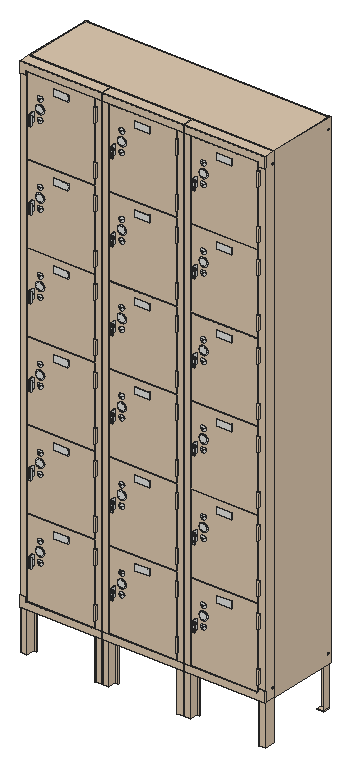
Revit family "Metal_Vented_Lockers-Salsbury_Industries-75000_76000_Series-3_Wide_Units", category Specialty Equipment, Revit 2023 (continued)
Definition of nested family "Metal Locker Left Side Base"
  Types (4): name | Visible | Depth | Model | Description
    77738 Left - for 18" D Lockers with Legs | yes | 16.422" | "77738" | "1.25\"W x 6\" H x 16\"D"
    None | no | 10.422" | "" | ""
  Reference planes (in)
    plane 1 "Center (Front/Back)": y = 0
    plane 2: z = 0
    plane 3 "Center (Left/Right)": x = 5.395
    plane 4 "Floor": z = 0
    plane 5 "Top of Enclosure": z = 6
    plane 6 "Left Side of Unit": x = 4.77
    plane 7 "Right Side of Unit": x = 6.02
    plane 8 "Left Edge of Enclosure": y = -5.211
    plane 9 "Right Edge of Enclosure": y = 5.211
    plane 10 "Left Edge of Insert": y = -6.27647
    plane 11 "Right Edge of Insert": y = -5.15147
    plane 12 "Edge of Rivet": x = 4.73
  Forms (in)
    Extrusion 1, solid, material <- "Primary Structure Material", visible <- "Visible"
      sketch origin (6.02, 0, 0) x (0, 0, -1) y (0, -1, 0)
        loop
          line (-6, 4.90147) -> (-6, -3.961) -> (-5.94, -3.961) -> (-5.94, 4.90147) -> (-6, 4.90147)
      from 0 to 1.19
    Extrusion 2, solid, material <- "Primary Structure Material", visible <- "Visible"
      sketch origin (6.02, 0, -5.94) x (0, 0, -1) y (0, -1, 0)
        loop
          line (-6, 4.90147) -> (-6, -3.961) -> (-5.94, -3.961) -> (-5.94, 4.90147) -> (-6, 4.90147)
      from 0 to 1.19
    Extrusion 3, solid, material <- "Primary Structure Material", visible <- "Visible"
      sketch origin (4.77, 0, 0) x (0, 0, -1) y (0, 1, 0)
        loop
          line (-6, -5.211) -> (0, -5.211) -> (0, 5.211) -> (-6, 5.211) -> (-6, -5.211)
      from 0 to 0.06
    Extrusion 4, solid, material <- "Primary Structure Material", visible <- "Visible"
      sketch origin (10.79, 0, 6) x (0, -1, 0) y (1, 0, 0)
        loop
          line (5.15147, -5.96) -> (6.27647, -5.96) -> (6.27647, -5.9) -> (5.15147, -5.9) -> (5.15147, -5.96)
      from -6 to 0
  Dimensions and locks (in)
    "Height": plane 5 "Top of Enclosure" to plane 4 "Floor"
    plane 10 "Left Edge of Insert" to plane 8 "Left Edge of Enclosure" to plane 11 "Right Edge of Insert" = 1.06547" locked, 0.05953" locked
    equal spacing: plane 8 "Left Edge of Enclosure", plane 1 "Center (Front/Back)", plane 9 "Right Edge of Enclosure"
    "Depth": plane 8 "Left Edge of Enclosure" to plane 9 "Right Edge of Enclosure"
    equal spacing: plane 6 "Left Side of Unit", plane 3 "Center (Left/Right)", plane 7 "Right Side of Unit"
    "Width": plane 6 "Left Side of Unit" to plane 7 "Right Side of Unit"
    "Width including Rivet": plane 12 "Edge of Rivet" to plane 7 "Right Side of Unit"
    plane 12 "Edge of Rivet" to plane 6 "Left Side of Unit" = 0.040"
    aligned and locked: level to plane 2
    aligned and locked: Extrusion 1 to Extrusion 3
    aligned and locked: Extrusion 2 to Extrusion 3
  Automatic sketch dimensions
    plane 5 "Top of Enclosure" to Extrusion 1 sketch curve = 0.000"
    Extrusion 1 sketch curve to Extrusion 1 sketch curve = 0.060"
    plane 9 "Right Edge of Enclosure" to Extrusion 1 sketch curve = 1.250"
    Extrusion 1 sketch curve to plane 11 "Right Edge of Insert" = 0.250"
    Extrusion 2 sketch curve to level = 0.000"
    level to Extrusion 2 sketch curve = 0.060"
    plane 9 "Right Edge of Enclosure" to Extrusion 2 sketch curve = 1.250"
    Extrusion 2 sketch curve to plane 11 "Right Edge of Insert" = 0.250"
    plane 5 "Top of Enclosure" to Extrusion 3 sketch curve = 0.000"
    Extrusion 3 sketch curve to level = 0.000"
    Extrusion 3 sketch curve to plane 8 "Left Edge of Enclosure" = 0.000"
    Extrusion 3 sketch curve to plane 9 "Right Edge of Enclosure" = 0.000"
    plane 11 "Right Edge of Insert" to Extrusion 4 sketch curve = 0.000"
    plane 10 "Left Edge of Insert" to Extrusion 4 sketch curve = 0.000"
    plane 6 "Left Side of Unit" to Extrusion 4 sketch curve = 0.120"
    Extrusion 4 sketch curve to Extrusion 4 sketch curve = 0.060"
Definition of nested family "Metal Locker Zee Base - 3 Wide"
  Parameters (values of type "77572- 36" W x 12" D")
    Width = 36.040"
    Visible = yes
    Version = "1.0 (11/30/15)"
    Type Comments = "Zee Base Kit for Standard Metal Lockers - No Legs"
    Primary Structure Material = none
    Model = "77572"
    MasterFormat Title = ""
    MasterFormat Number = ""
    Manufacturer = "Salsbury Industries"
    Description = "4\" H x 6' L - for 12\" Deep Lockers (Includes 6 Foot Front Base, 2 End Bases, Corner Splicer and 4 Rear Legs)"
    Depth = 12.010"
    Height = 4.000"
    Default Elevation = 0.000"
    Assembly Code = ""
  Types (6): name | Width | Visible | Model | Depth
    77572- 36" W x 12" D | 36.040" | yes | "77572" | 12.010"
    77575 - 36" W x 15" D | 36.040" | yes | "77575" | 15.010"
    77578 - 36"W x 18"D | 36.040" | yes | "77578" | 18.010"
    77575 - 45"W x 15"D | 45.040" | yes | "77575" | 15.010"
    77578 - 45"W x 18"D | 45.040" | yes | "77578" | 18.010"
    None | 36.040" | no | "77572" | 12.010"
  Reference planes (in)
    plane 1 "Center (Front/Back)": y = 0
    plane 2: z = 0
    plane 3 "Center (Left/Right)": x = 0
    plane 4 "Floor": z = 0
    plane 5 "Bottom of Unit": z = 4
    plane 6 "Left Side of Unit": x = -18.02
    plane 7 "Right Side of Unit": x = 18.02
    plane 8 "Back of Unit": y = 6.005
    plane 9 "Front of Unit": y = -6.005
    plane 10 "Right Side of Door Opening": x = 17.02
    plane 11 "Left Side of Door Opening": x = -17.02
    plane 12 "Top of back legs": z = 4.185
    plane 13 "Back Edge of Front Facing": y = -4.417
    plane 14 "Inside Edge of Front Leg": x = -16.58
    plane 15 "Inside Edge of Right Leg": x = 16.58
    plane 16: y = -4.82
    plane 17 "Back Edge of Rear Legs": y = 5.895
    plane 18 "Right Edge of Rear Right Leg": x = 17.9
    plane 19 "Left Edge or Rear Left Leg": x = -17.9
    plane 20: y = 4.895
    plane 21 "Inside Edge or Rear Right Leg": x = 16.9
    plane 22 "Inside Edge or Left Rear Leg": x = -16.9
  Forms (in)
    Extrusion 1, solid, material <- "Primary Structure Material", visible <- "Visible"
      sketch origin (0, 0, 0) x (0, -1, 0) y (1, 0, 0)
        loop
          line (-5.895, 17.9) -> (-5.895, 16.9) -> (-5.835, 16.9) -> (-5.835, 17.84) -> (-4.895, 17.84) -> (-4.895, 17.9) -> (-5.895, 17.9)
      from 0.06 to 4.185
    Extrusion 2, solid, material <- "Primary Structure Material", visible <- "Visible"
      sketch origin (0, 0, 0) x (0, -1, 0) y (1, 0, 0)
        loop
          line (-5.895, 17.9) -> (-5.895, 16.9) -> (-4.895, 16.9) -> (-4.895, 17.9) -> (-5.895, 17.9)
      from 0 to 0.06
    Extrusion 3, solid, material <- "Primary Structure Material", visible <- "Visible"
      sketch origin (0, 0, 0) x (0, -1, 0) y (1, 0, 0)
        loop
          line (-5.895, -17.9) -> (-4.895, -17.9) -> (-4.895, -17.84) -> (-5.835, -17.84) -> (-5.835, -16.9) -> (-5.895, -16.9) -> (-5.895, -17.9)
      from 0.06 to 4.185
    Extrusion 4, solid, material <- "Primary Structure Material", visible <- "Visible"
      sketch origin (0, 0, 0) x (0, -1, 0) y (1, 0, 0)
        loop
          line (-5.895, -17.9) -> (-4.895, -17.9) -> (-4.895, -16.9) -> (-5.895, -16.9) -> (-5.895, -17.9)
      from 0 to 0.06
    Extrusion 5, solid, material <- "Primary Structure Material", visible <- "Visible"
      sketch origin (0, 0, 0) x (0, 1, 0) y (0, 0, 1)
        loop
          line (-6.005, 4) -> (-6.005, 3.94) -> (-4.417, 3.94) -> (-4.417, 0) -> (-2.769, 0) -> (-2.769, 0.06) -> (-4.357, 0.06) -> (-4.357, 4) -> (-6.005, 4)
      from -18.02 to 18.02
  Dimensions and locks (in)
    equal spacing: plane 6 "Left Side of Unit", plane 3 "Center (Left/Right)", plane 7 "Right Side of Unit"
    "Width": plane 6 "Left Side of Unit" to plane 7 "Right Side of Unit"
    "Height": plane 5 "Bottom of Unit" to plane 4 "Floor"
    equal spacing: plane 9 "Front of Unit", plane 1 "Center (Front/Back)", plane 8 "Back of Unit"
    "Depth": plane 9 "Front of Unit" to plane 8 "Back of Unit"
    plane 12 "Top of back legs" to plane 5 "Bottom of Unit" = 0.185"
    plane 6 "Left Side of Unit" to plane 11 "Left Side of Door Opening" = 1.000"
    plane 10 "Right Side of Door Opening" to plane 7 "Right Side of Unit" = 1.000"
    locked: plane 9 "Front of Unit" to plane 13 "Back Edge of Front Facing" at 1.588
    plane 11 "Left Side of Door Opening" to plane 14 "Inside Edge of Front Leg" = 0.440"
    plane 15 "Inside Edge of Right Leg" to plane 10 "Right Side of Door Opening" = 0.440"
    plane 9 "Front of Unit" to plane 16 = 1.185"
    plane 15 "Inside Edge of Right Leg" to plane 21 "Inside Edge or Rear Right Leg" to plane 10 "Right Side of Door Opening" to plane 18 "Right Edge of Rear Right Leg" to plane 7 "Right Side of Unit" = 0.320", 0.120", 0.880", 0.120"
    plane 6 "Left Side of Unit" to plane 19 "Left Edge or Rear Left Leg" to plane 11 "Left Side of Door Opening" to plane 22 "Inside Edge or Left Rear Leg" to plane 14 "Inside Edge of Front Leg" = 0.120", 0.880", 0.120", 0.320"
    plane 20 to plane 17 "Back Edge of Rear Legs" to plane 8 "Back of Unit" = 1.000", 0.110"
    aligned and locked: level to plane 2
    aligned and locked: Extrusion 1 to Extrusion 2
    aligned and locked: Extrusion 4 to Extrusion 3
    aligned and locked: Extrusion 1 to plane 18 "Right Edge of Rear Right Leg"
    aligned and locked: Extrusion 1 to plane 17 "Back Edge of Rear Legs"
    aligned and locked: Extrusion 3 to plane 19 "Left Edge or Rear Left Leg"
    aligned and locked: plane 17 "Back Edge of Rear Legs" to Extrusion 3
    aligned and locked: Extrusion 1 to plane 12 "Top of back legs"
    aligned and locked: plane 12 "Top of back legs" to Extrusion 3
    aligned and locked: Extrusion 5 to plane 7 "Right Side of Unit"
    aligned and locked: plane 6 "Left Side of Unit" to Extrusion 5
  Automatic sketch dimensions
    plane 17 "Back Edge of Rear Legs" to Extrusion 1 sketch curve = 0.000"
    Extrusion 1 sketch curve to plane 21 "Inside Edge or Rear Right Leg" = 0.000"
    Extrusion 1 sketch curve to plane 18 "Right Edge of Rear Right Leg" = 0.000"
    plane 20 to Extrusion 1 sketch curve = 0.000"
    plane 17 "Back Edge of Rear Legs" to Extrusion 1 sketch curve = 0.060"
    plane 18 "Right Edge of Rear Right Leg" to Extrusion 1 sketch curve = 0.060"
    plane 17 "Back Edge of Rear Legs" to Extrusion 2 sketch curve = 0.000"
    Extrusion 2 sketch curve to plane 18 "Right Edge of Rear Right Leg" = 0.000"
    plane 20 to Extrusion 2 sketch curve = 0.000"
    Extrusion 2 sketch curve to plane 21 "Inside Edge or Rear Right Leg" = 0.000"
    plane 17 "Back Edge of Rear Legs" to Extrusion 3 sketch curve = 0.000"
    Extrusion 3 sketch curve to plane 22 "Inside Edge or Left Rear Leg" = 0.000"
    Extrusion 3 sketch curve to plane 19 "Left Edge or Rear Left Leg" = 0.000"
    plane 20 to Extrusion 3 sketch curve = 0.000"
    Extrusion 3 sketch curve to plane 17 "Back Edge of Rear Legs" = 0.060"
    Extrusion 3 sketch curve to plane 19 "Left Edge or Rear Left Leg" = 0.060"
    plane 17 "Back Edge of Rear Legs" to Extrusion 4 sketch curve = 0.000"
    Extrusion 4 sketch curve to plane 19 "Left Edge or Rear Left Leg" = 0.000"
    plane 20 to Extrusion 4 sketch curve = 0.000"
    Extrusion 4 sketch curve to plane 22 "Inside Edge or Left Rear Leg" = 0.000"
    Extrusion 5 sketch curve to plane 9 "Front of Unit" = 0.000"
    Extrusion 5 sketch curve to level = 0.000"
    Extrusion 5 sketch curve to plane 13 "Back Edge of Front Facing" = 0.000"
    plane 5 "Bottom of Unit" to Extrusion 5 sketch curve = 0.000"
    Extrusion 5 sketch curve to plane 13 "Back Edge of Front Facing" = 0.060"
    Extrusion 5 sketch curve to Extrusion 5 sketch curve = 1.588"
    level to Extrusion 5 sketch curve = 0.060"
    plane 5 "Bottom of Unit" to Extrusion 5 sketch curve = 0.060"
Definition of nested family "Metal Locker Zee Base-Right Side"
  Parameters (values of type "77578 Right - 18" D")
    Width including Rivet [instance] = 1.290"
    Visible = yes
    Primary Structure Material = none
    Depth = 16.362"
    Version = "1.0 (11/30/15)"
    Type Comments = "Zee Base Kit for Standard Metal Lockers - No Legs"
    Model = "77578"
    MasterFormat Title = ""
    MasterFormat Number = ""
    Manufacturer = "Salsbury Industries"
    Description = "4\" H x 6' L - for 12\" Deep Lockers (Includes 6 Foot Front Base, 2 End Bases, Corner Splicer and 4 Rear Legs)"
    Width = 4.000"
    Height = 4.000"
    Default Elevation = 0.000"
    Assembly Code = ""
  Types (4): name | Visible | Depth | Type Comments | Model | Description
    77572 Right - 12" D | yes | 10.362" | "Zee Base Kit for Standard Metal Lockers - No Legs" | "77572" | "4\" H x 6' L - for 12\" Deep Lockers (Includes 6 Foot Front Base, 2 End Bases, Corner Splicer and 4 Rear Legs)"
    77575 Right - 15" D | yes | 13.362" | "Zee Base Kit for Standard Metal Lockers - No Legs" | "77575" | "4\" H x 6' L - for 12\" Deep Lockers (Includes 6 Foot Front Base, 2 End Bases, Corner Splicer and 4 Rear Legs)"
    77578 Right - 18" D | yes | 16.362" | "Zee Base Kit for Standard Metal Lockers - No Legs" | "77578" | "4\" H x 6' L - for 12\" Deep Lockers (Includes 6 Foot Front Base, 2 End Bases, Corner Splicer and 4 Rear Legs)"
    None | no | 10.362" | "End Base for Standard Metal Lockers" | "" | ""
  Reference planes (in)
    plane 1 "Center (Front/Back)": y = 0
    plane 2: z = 0
    plane 3 "Center (Left/Right)": x = 3.99
    plane 4 "Floor": z = 0
    plane 5 "Top of Enclosure": z = 4
    plane 6 "Left Edge of Insert": x = 4.77
    plane 7 "Right Side of Unit": x = 5.99
    plane 8 "Left Edge of Enclosure": y = -8.181
    plane 9 "Right Edge of Enclosure": y = 8.181
    plane 10 "Bottom Edge of Enclosure": z = 0.06
    plane 11 "Left Edge of Base": x = 1.99
  Forms (in)
    Extrusion 1, solid, material <- "Primary Structure Material", visible <- "Visible"
      sketch origin (5.99, 0, 0) x (0, 0, -1) y (0, -1, 0)
        loop
          line (-4, 6.93967) -> (-4, -6.931) -> (-3.94, -6.931) -> (-3.94, 6.93967) -> (-4, 6.93967)
      from 0.06 to 1.22
    Extrusion 2, solid, material <- "Primary Structure Material", visible <- "Visible"
      sketch origin (0, 0, 0) x (0, -1, 0) y (1, 0, 0)
        loop
          line (-8.181, 1.99) -> (-8.121, 1.99) -> (-8.121, 5.93) -> (8.121, 5.93) -> (8.121, 1.99) -> (8.181, 1.99) -> (8.181, 5.99) -> (-8.181, 5.99) -> (-8.181, 1.99)
      from 0.06 to 4
  Dimensions and locks (in)
    "Height": plane 5 "Top of Enclosure" to plane 4 "Floor"
    equal spacing: plane 8 "Left Edge of Enclosure", plane 1 "Center (Front/Back)", plane 9 "Right Edge of Enclosure"
    "Depth": plane 8 "Left Edge of Enclosure" to plane 9 "Right Edge of Enclosure"
    "Width": plane 11 "Left Edge of Base" to plane 7 "Right Side of Unit"
    equal spacing: plane 11 "Left Edge of Base", plane 3 "Center (Left/Right)", plane 7 "Right Side of Unit"
    locked: plane 4 "Floor" to plane 10 "Bottom Edge of Enclosure" at 0.06
    aligned and locked: level to plane 2
    aligned and locked: plane 6 "Left Edge of Insert" to Extrusion 1
    aligned and locked: Extrusion 2 to plane 9 "Right Edge of Enclosure"
    aligned and locked: Extrusion 2 to plane 10 "Bottom Edge of Enclosure"
    aligned and locked: plane 11 "Left Edge of Base" to Extrusion 2
  Automatic sketch dimensions
    plane 5 "Top of Enclosure" to Extrusion 1 sketch curve = 0.000"
    Extrusion 1 sketch curve to Extrusion 1 sketch curve = 0.060"
    plane 9 "Right Edge of Enclosure" to Extrusion 1 sketch curve = 1.250"
    Extrusion 1 sketch curve to plane 8 "Left Edge of Enclosure" = 1.24133"
    Extrusion 2 sketch curve to plane 7 "Right Side of Unit" = 0.000"
    plane 9 "Right Edge of Enclosure" to Extrusion 2 sketch curve = 0.000"
    plane 6 "Left Edge of Insert" to Extrusion 2 sketch curve = 2.780"  (x2)
    Extrusion 2 sketch curve to Extrusion 2 sketch curve = 0.060"
    plane 7 "Right Side of Unit" to Extrusion 2 sketch curve = 0.060"
    Extrusion 2 sketch curve to plane 8 "Left Edge of Enclosure" = 0.060"
    Extrusion 2 sketch curve to plane 8 "Left Edge of Enclosure" = 0.000"
Definition of nested family "Metal Locker Zee Base-Left Side"
  Parameters (values of type "77572 Left - 12" D")
    Width including Rivet [instance] = 1.290"
    Visible = yes
    Primary Structure Material = none
    Depth = 10.362"
    Version = "1.0 (11/30/15)"
    Type Comments = "Zee Base Kit for Standard Metal Lockers - No Legs"
    Model = "77572"
    MasterFormat Title = ""
    MasterFormat Number = ""
    Manufacturer = "Salsbury Industries"
    Description = "4\" H x 6' L - for 12\" Deep Lockers (Includes 6 Foot Front Base, 2 End Bases, Corner Splicer and 4 Rear Legs)"
    Width = 4.000"
    Height = 4.000"
    Default Elevation = 0.000"
    Assembly Code = ""
  Types (4): name | Visible | Depth | Type Comments | Model | Description
    77572 Left - 12" D | yes | 10.362" | "Zee Base Kit for Standard Metal Lockers - No Legs" | "77572" | "4\" H x 6' L - for 12\" Deep Lockers (Includes 6 Foot Front Base, 2 End Bases, Corner Splicer and 4 Rear Legs)"
    77575 Left - 15" D | yes | 13.362" | "Zee Base Kit for Standard Metal Lockers - No Legs" | "77575" | "4\" H x 6' L - for 12\" Deep Lockers (Includes 6 Foot Front Base, 2 End Bases, Corner Splicer and 4 Rear Legs)"
    77578 Left- 18" D | yes | 16.362" | "Zee Base Kit for Standard Metal Lockers - No Legs" | "77578" | "4\" H x 6' L - for 12\" Deep Lockers (Includes 6 Foot Front Base, 2 End Bases, Corner Splicer and 4 Rear Legs)"
    None | no | 10.362" | "End Base for Standard Metal Lockers" | "" | ""
  Reference planes (in)
    plane 1 "Center (Front/Back)": y = 0
    plane 2: z = 0
    plane 3 "Center (Left/Right)": x = 3.99
    plane 4 "Floor": z = 0
    plane 5 "Top of Enclosure": z = 4
    plane 6 "Right Side of Unit": x = 5.99
    plane 7 "Left Edge of Enclosure": y = -5.181
    plane 8 "Right Edge of Enclosure": y = 5.181
    plane 9 "Bottom Edge of Enclosure": z = 0.06
    plane 10 "Left Edge of Base": x = 1.99
    plane 11 "Right Edge of Inser": x = 3.21
  Forms (in)
    Extrusion 1, solid, material <- "Primary Structure Material", visible <- "Visible"
      sketch origin (7.98, 0, 0) x (0, -1, 0) y (1, 0, 0)
        loop
          line (-5.181, -1.99) -> (-5.181, -5.99) -> (5.181, -5.99) -> (5.181, -1.99) -> (5.121, -1.99) -> (5.121, -5.93) -> (-5.121, -5.93) -> (-5.121, -1.99) -> (-5.181, -1.99)
      from 0.06 to 4
    Extrusion 2, solid, material <- "Primary Structure Material", visible <- "Visible"
      sketch origin (1.99, 0, 0) x (0, 0, -1) y (0, 1, 0)
        loop
          line (-4, -3.93967) -> (-3.94, -3.93967) -> (-3.94, 3.931) -> (-4, 3.931) -> (-4, -3.93967)
      from 0.06 to 1.22
  Dimensions and locks (in)
    "Height": plane 5 "Top of Enclosure" to plane 4 "Floor"
    equal spacing: plane 7 "Left Edge of Enclosure", plane 1 "Center (Front/Back)", plane 8 "Right Edge of Enclosure"
    "Depth": plane 7 "Left Edge of Enclosure" to plane 8 "Right Edge of Enclosure"
    "Width": plane 10 "Left Edge of Base" to plane 6 "Right Side of Unit"
    equal spacing: plane 10 "Left Edge of Base", plane 3 "Center (Left/Right)", plane 6 "Right Side of Unit"
    locked: plane 4 "Floor" to plane 9 "Bottom Edge of Enclosure" at 0.06
    aligned and locked: level to plane 2
    aligned and locked: plane 10 "Left Edge of Base" to Extrusion 1
  Automatic sketch dimensions
    plane 8 "Right Edge of Enclosure" to Extrusion 1 sketch curve = 0.000"
    Extrusion 1 sketch curve to plane 6 "Right Side of Unit" = 0.000"  (x2)
    plane 7 "Left Edge of Enclosure" to Extrusion 1 sketch curve = 0.000"
    Extrusion 1 sketch curve to plane 10 "Left Edge of Base" = 0.000"
    Extrusion 1 sketch curve to Extrusion 1 sketch curve = 0.060"
    plane 7 "Left Edge of Enclosure" to Extrusion 1 sketch curve = 0.060"
    plane 10 "Left Edge of Base" to Extrusion 1 sketch curve = 0.060"
    plane 5 "Top of Enclosure" to Extrusion 2 sketch curve = 0.000"
    Extrusion 2 sketch curve to Extrusion 2 sketch curve = 0.060"
    Extrusion 2 sketch curve to plane 7 "Left Edge of Enclosure" = 1.24133"
    plane 8 "Right Edge of Enclosure" to Extrusion 2 sketch curve = 1.250"
Definition of nested family "Metal Locker Zee Base Corner"
  Parameters (values of type "77572, 77575, 77578")
    Width = 2.000"
    Visible = yes
    Version = "1.0 (11/30/15)"
    Type Comments = "Zee Base Kit for Standard Metal Lockers - No Legs"
    Primary Structure Material = none
    Model = "n/a"
    Manufacturer = "Salsbury Industries"
    Height = 3.940"
    Description = "4\" H x 6' L - for 12\" Deep Lockers (Includes 6 Foot Front Base, 2 End Bases, Corner Splicer and 4 Rear Legs)"
    Depth = 2.000"
    Default Elevation = 0.000"
  Types (2): name | Visible
    77572, 77575, 77578 | yes
    None | no
  Reference planes (in)
    plane 1 "Center (Front/Back)": y = 0
    plane 2 "Bottom of Component": z = 0
    plane 3 "Center (Left/Right)": x = 0
    plane 4: z = 3.94
    plane 5: x = -1
    plane 6: x = 1
    plane 7 "Front": y = -1
    plane 8 "Back": y = 1
  Forms (in)
    Extrusion 1, solid, material <- "Primary Structure Material", visible <- "Visible"
      sketch origin (0, 0, 0) x (1, 0, 0) y (0, 1, 0)
        loop
          line (-1, 1) -> (-1, 0.94) -> (0.94, 0.94) -> (0.94, -1) -> (1, -1) -> (1, 1) -> (-1, 1)
      from 0 to 3.94
  Dimensions and locks (in)
    "Height": plane 4 to plane 2 "Bottom of Component"
    equal spacing: plane 5, plane 3 "Center (Left/Right)", plane 6
    "Width": plane 5 to plane 6
    equal spacing: plane 7 "Front", plane 1 "Center (Front/Back)", plane 8 "Back"
    "Depth": plane 7 "Front" to plane 8 "Back"
    aligned and locked: plane 2 "Bottom of Component" to level
  Automatic sketch dimensions
    Extrusion 1 sketch curve to plane 5 = 0.000"
    plane 7 "Front" to Extrusion 1 sketch curve = 0.000"
    Extrusion 1 sketch curve to plane 6 = 0.000"
    plane 8 "Back" to Extrusion 1 sketch curve = 0.000"
    plane 6 to Extrusion 1 sketch curve = 0.060"
    Extrusion 1 sketch curve to Extrusion 1 sketch curve = 0.060"
Definition of nested family "Metal Locker End Panel"
  Parameters (values of type "77362 - for 6' H x 12" D Lockers")
    Width = 0.925"
    Visible = yes
    Version = "1.0 (11/30/15)"
    Type Comments = "Finished End Panel for Standard Metal Lockers"
    Primary Structure Material = none
    Model = "77362"
    MasterFormat Title = ""
    MasterFormat Number = ""
    Manufacturer = "Salsbury Industries"
    Height = 72.000"
    Description = "End Panel for 6' H x 12\" Deep Lockers"
    Depth = 12.010"
    Default Elevation = 0.000"
    Assembly Code = ""
  Types (7): name | Visible | Model | Height | Description | Depth
    77362 - for 6' H x 12" D Lockers | yes | "77362" | 72.000" | "End Panel for 6' H x 12\" Deep Lockers" | 12.010"
    77365 - for 6' H x 15" D Lockers | yes | "77365" | 72.000" | "End Panel for 6' H x 15\" Deep Lockers" | 15.010"
    77368 - for 6' H X 18" D Lockers | yes | "77368" | 72.000" | "End Panel for 6' H x 18\" Deep Lockers" | 18.010"
    77352 - for 5' H x 12" D Lockers | yes | "77352" | 60.000" | "End Panel for 5' H x 12\" Deep Lockers" | 12.010"
    77355 - for 5' H x 15" D Lockers | yes | "77355" | 60.000" | "End Panel for 5' H x 15\" Deep Lockers" | 15.010"
    77358 - for 5' H x 18" D Lockers | yes | "77358" | 60.000" | "End Panel for 5' H x 18\" Deep Lockers" | 18.010"
    None | no | "n/a" | 72.000" | "" | 12.010"
  Reference planes (in)
    plane 1 "Center (Front/Back)": y = -2.167
    plane 2: z = 0
    plane 3 "Center (Left/Right)": x = -4.595
    plane 4 "Bottom of Panel": z = 0
    plane 5 "Top of Panel": z = 72
    plane 6 "Front of Panel": y = -8.172
    plane 7 "Right Side of Enclosure": x = -4.1325
    plane 8 "Left Side of Enclosure": x = -5.0575
    plane 9 "Back of Panel": y = 3.838
    plane 10: z = 36
    plane 11: z = 70.283
    plane 12: z = 1.717
    plane 13 "Outside Edge of Front Flap": y = -8.23214
    plane 14 "Outside Edge of Back Flap": y = 3.898
  Forms (in)
    Extrusion 1, solid, material <- "Primary Structure Material", visible <- "Visible"
      sketch origin (-4.1325, 0.48244, 0) x (0, 0, -1) y (0, -1, 0)
        loop
          line (-72, 8.71458) -> (-72, -3.41556) -> (0, -3.41556) -> (0, 8.71458) -> (-72, 8.71458)
      from 0 to -0.06
    Extrusion 2, solid, material <- "Primary Structure Material", visible <- "Visible"
      sketch origin (0, 3.838, 0) x (0, 0, -1) y (1, 0, 0)
        loop
          line (-72, -5.0575) -> (0, -5.0575) -> (0, -4.1325) -> (-72, -4.1325) -> (-72, -5.0575)
      from 0 to -0.06
    Extrusion 3, solid, material <- "Primary Structure Material", visible <- "Visible"
      sketch origin (0, -8.172, 0) x (1, 0, 0) y (0, 0, 1)
        loop
          line (-5.0575, 70.283) -> (-5.0575, 1.717) -> (-4.1325, 1.717) -> (-4.1325, 70.283) -> (-5.0575, 70.283)
      from 0.06014 to 0
  Dimensions and locks (in)
    equal spacing: plane 6 "Front of Panel", plane 1 "Center (Front/Back)", plane 9 "Back of Panel"
    "Depth": plane 6 "Front of Panel" to plane 9 "Back of Panel"
    equal spacing: plane 8 "Left Side of Enclosure", plane 3 "Center (Left/Right)", plane 7 "Right Side of Enclosure"
    "Width": plane 8 "Left Side of Enclosure" to plane 7 "Right Side of Enclosure"
    equal spacing: plane 5 "Top of Panel", plane 10, plane 2
    "Height": plane 5 "Top of Panel" to plane 2
    locked: plane 5 "Top of Panel" to plane 11 at 1.717
    locked: plane 13 "Outside Edge of Front Flap" to plane 6 "Front of Panel" at 0.06014
    locked: plane 9 "Back of Panel" to plane 14 "Outside Edge of Back Flap" at 0.06
    aligned and locked: level to plane 2
    aligned and locked: plane 5 "Top of Panel" to Extrusion 1 sketch curve
    aligned and locked: plane 5 "Top of Panel" to Extrusion 2 sketch curve
    aligned and locked: Extrusion 2 to plane 9 "Back of Panel"
    aligned and locked: plane 11 to Extrusion 3 sketch curve
    aligned and locked: plane 6 "Front of Panel" to Extrusion 3
    aligned and locked: plane 14 "Outside Edge of Back Flap" to Extrusion 2
    aligned and locked: Extrusion 1 to plane 14 "Outside Edge of Back Flap"
    aligned and locked: plane 13 "Outside Edge of Front Flap" to Extrusion 3
    aligned and locked: Extrusion 2 to plane 7 "Right Side of Enclosure"
    aligned and locked: Extrusion 3 to plane 7 "Right Side of Enclosure"
  Automatic sketch dimensions
    Extrusion 1 sketch curve to level = 0.000"
    Extrusion 2 sketch curve to level = 0.000"
    plane 8 "Left Side of Enclosure" to Extrusion 2 sketch curve = 0.000"
    plane 7 "Right Side of Enclosure" to Extrusion 2 sketch curve = 0.000"
    plane 8 "Left Side of Enclosure" to Extrusion 3 sketch curve = 0.000"
    Extrusion 3 sketch curve to plane 12 = 0.000"
    plane 7 "Right Side of Enclosure" to Extrusion 3 sketch curve = 0.000"
    Extrusion 1 sketch curve to plane 14 "Outside Edge of Back Flap" = 0.000"
    plane 6 "Front of Panel" to Extrusion 1 sketch curve = 0.06014"
Definition of nested family "Metal Locker Front Filler"
  Parameters (values of type "77869 - for 6' H Lockers (Zee Base or No Legs)")
    Width = 9.000"
    Visible = yes
    Version = "1.0 (11/30/15)"
    Type Comments = "Vertical Front Filler for Standard Metal Lockers"
    Primary Structure Material = none
    Model = "77865"
    MasterFormat Title = ""
    MasterFormat Number = ""
    Manufacturer = "Salsbury Industries"
    Height = 72.000"
    Description = "9\" W Vertical Front Filler for 6' H Lockers"
    Depth = 1.500"
    Default Elevation = 0.000"
    Assembly Code = ""
  Types (9): name | Width | Visible | Model | Height | Description | Depth
    77865 - for 6' H Lockers with Legs | 15.000" | yes | "77865" | 78.000" | "15\" W Vertical Front Filler for 6' H Lockers" | 1.000"
    77869 - for 6' H Lockers with Legs | 9.000" | yes | "77865" | 78.000" | "9\" W Vertical Front Filler for 6' H Lockers" | 1.000"
    77855 - for 5' H Lockers with Legs | 15.000" | yes | "77855" | 66.000" | "15\" W Vertical Front Filler for 5' H Lockers" | 1.000"
    77859 - for 5' H Lockers with Legs | 9.000" | yes | "77859" | 66.000" | "9\" W Vertical Front Filler for 5' H Lockers" | 1.000"
    None | 15.000" | no | "n/a" | 78.000" | "" | 1.500"
    77865 - for 6' H Lockers (Zee Base or No Legs) | 15.000" | yes | "77865" | 72.000" | "15\" W Vertical Front Filler for 6' H Lockers" | 1.000"
    77869 - for 6' H Lockers (Zee Base or No Legs) | 9.000" | yes | "77865" | 72.000" | "9\" W Vertical Front Filler for 6' H Lockers" | 1.500"
    77859 - for 5' H Lockers (Zee Base or No Legs) | 9.000" | yes | "77859" | 60.000" | "9\" W Vertical Front Filler for 5' H Lockers" | 1.000"
    77855 - for 5' H Lockers (Zee Base or No Legs) | 15.000" | yes | "77855" | 60.000" | "15\" W Vertical Front Filler for 5' H Lockers" | 1.000"
  Reference planes (in)
    plane 1 "Center (Front/Back)": y = -2.167
    plane 2: z = 0
    plane 3 "Center (Left/Right)": x = -4.595
    plane 4 "Bottom of Filler": z = 0
    plane 5 "Top of Panel": z = 72
    plane 6 "Front of Filler": y = -2.917
    plane 7 "Right Side of Filler": x = -0.095
    plane 8 "Left Side of Filler": x = -9.095
    plane 9 "Back of Filler": y = -1.417
    plane 10: z = 36
  Forms (in)
    Extrusion 1, solid, material <- "Primary Structure Material", visible <- "Visible"
      sketch origin (0, 0, 0) x (0, -1, 0) y (1, 0, 0)
        loop
          line (1.417, -9.095) -> (2.917, -9.095) -> (2.917, -1.095) -> (2.869, -1.095) -> (2.869, -9.047) -> (1.417, -9.047) -> (1.417, -9.095)
      from 0 to 72
    Extrusion 2, solid, material <- "Primary Structure Material", visible <- "Visible"
      sketch origin (0, -0.20425, 0) x (0, -1, 0) y (1, 0, 0)
        loop
          line (1.30875, -0.095) -> (1.30875, -0.143) -> (2.76075, -0.143) -> (2.76075, -1.595) -> (2.80875, -1.595) -> (2.80875, -0.095) -> (1.30875, -0.095)
      from 0 to 72
    Extrusion 3, solid, material <- "Primary Structure Material", visible <- "Visible"
      sketch origin (0, 0.10825, 0) x (0, -1, 0) y (1, 0, 0)
        loop
          line (3.07325, -1.595) -> (3.07325, -0.82524) -> (3.02525, -0.82524) -> (3.02525, -1.376) -> (3.02525, -1.449) -> (3.02525, -1.522) -> (3.02525, -1.595) -> (3.07325, -1.595)
      from 0 to 72
    Extrusion 4, solid, material <- "Primary Structure Material", visible <- "Visible"
      sketch origin (0, 0, 0) x (0, -1, 0) y (1, 0, 0)
        loop
          line (2.917, -0.82524) -> (2.821, -0.82524) -> (2.821, -1.80024) -> (2.869, -1.80024) -> (2.869, -0.87324) -> (2.917, -0.87324) -> (2.917, -0.82524)
      from 0 to 72
  Dimensions and locks (in)
    equal spacing: plane 6 "Front of Filler", plane 1 "Center (Front/Back)", plane 9 "Back of Filler"
    "Depth": plane 6 "Front of Filler" to plane 9 "Back of Filler"
    equal spacing: plane 8 "Left Side of Filler", plane 3 "Center (Left/Right)", plane 7 "Right Side of Filler"
    "Width": plane 8 "Left Side of Filler" to plane 7 "Right Side of Filler"
    equal spacing: plane 5 "Top of Panel", plane 10, plane 2
    "Height": plane 5 "Top of Panel" to plane 2
    aligned and locked: level to plane 2
    aligned and locked: Extrusion 1 to plane 5 "Top of Panel"
    aligned and locked: Extrusion 2 to plane 5 "Top of Panel"
    aligned and locked: Extrusion 3 to plane 5 "Top of Panel"
    aligned and locked: Extrusion 4 to plane 5 "Top of Panel"
  Automatic sketch dimensions
    plane 9 "Back of Filler" to Extrusion 1 sketch curve = 0.000"
    plane 6 "Front of Filler" to Extrusion 1 sketch curve = 0.000"
    Extrusion 1 sketch curve to plane 8 "Left Side of Filler" = 0.000"
    Extrusion 1 sketch curve to plane 6 "Front of Filler" = 0.048"
    Extrusion 1 sketch curve to Extrusion 1 sketch curve = 0.048"
    plane 7 "Right Side of Filler" to Extrusion 1 sketch curve = 1.000"
    Extrusion 2 sketch curve to plane 7 "Right Side of Filler" = 0.000"
    plane 7 "Right Side of Filler" to Extrusion 2 sketch curve = 0.048"
    plane 9 "Back of Filler" to Extrusion 2 sketch curve = 0.096"
    plane 6 "Front of Filler" to Extrusion 2 sketch curve = 0.048"
    Extrusion 2 sketch curve to Extrusion 2 sketch curve = 0.048"
    Extrusion 2 sketch curve to Extrusion 2 sketch curve = 1.452"
    plane 6 "Front of Filler" to Extrusion 3 sketch curve = 0.000"
    plane 7 "Right Side of Filler" to Extrusion 3 sketch curve = 1.500"
    Extrusion 3 sketch curve to Extrusion 3 sketch curve = 0.073"  (x3)
    Extrusion 3 sketch curve to Extrusion 3 sketch curve = 0.55076"
    Extrusion 3 sketch curve to Extrusion 3 sketch curve = 0.048"
    plane 6 "Front of Filler" to Extrusion 4 sketch curve = 0.000"
    Extrusion 4 sketch curve to plane 6 "Front of Filler" = 0.048"
    Extrusion 4 sketch curve to Extrusion 4 sketch curve = 0.048"  (x2)
    plane 7 "Right Side of Filler" to Extrusion 4 sketch curve = 1.70524"
    plane 7 "Right Side of Filler" to Extrusion 4 sketch curve = 0.77824"
Definition of nested family "Metal Locker Flat Top Filler"
  Parameters (values of type "77842 - for 12" Deep Lockers (15" W)")
    Width = 16.250"
    Visible = yes
    Version = "1.0 (11/30/15)"
    Type Comments = "Flat Top Filler for Standard Metal Lockers"
    Primary Structure Material = none
    Model = "77842"
    MasterFormat Title = ""
    MasterFormat Number = ""
    Manufacturer = "Salsbury Industries"
    Height = 1.003"
    Description = "15\"W Flat Top In-Line Filler"
    Depth = 12.118"
    Default Elevation = 0.000"
    Assembly Code = ""
  Types (7): name | Width | Visible | Model | Depth
    77842 - for 12" Deep Lockers (15" W) | 16.250" | yes | "77842" | 12.118"
    77842 - for 12" Deep Lockers (9" W) | 10.250" | yes | "77842" | 12.118"
    77845 - for 15" Deep Lockers (15" W) | 16.250" | yes | "77845" | 15.118"
    77845 - for 15" Deep Lockers (9" W) | 10.250" | yes | "77845" | 15.118"
    77848 - for 18" Deep Lockers (15" W) | 16.250" | yes | "77848" | 18.118"
    77848 - for 18" Deep Lockers (9" W) | 10.250" | yes | "77848" | 18.118"
    None | 16.250" | no | "" | 12.118"
  Reference planes (in)
    plane 1 "Center (Front/Back)": y = -2.167
    plane 2: z = 0
    plane 3 "Center (Left/Right)": x = -4.595
    plane 4 "Bottom of Panel": z = 0
    plane 5 "Top of Panel": z = 1.003
    plane 6 "Front of Panel": y = -8.226
    plane 7 "Right Side of Enclosure": x = 3.53
    plane 8 "Left Side of Enclosure": x = -12.72
    plane 9 "Back of Panel": y = 3.892
    plane 10: z = 0.5015
  Forms (in)
    Extrusion 1, solid, material <- "Primary Structure Material", visible <- "Visible"
      sketch origin (-4.595, 0, 0) x (0, 1, 0) y (0, 0, 1)
        loop
          line (-8.226, 0) -> (-8.178, 0) -> (-8.178, 0.955) -> (3.892, 0.955) -> (3.892, 1.003) -> (-8.226, 1.003) -> (-8.226, 0)
      from -8.125 to 8.125
  Dimensions and locks (in)
    equal spacing: plane 6 "Front of Panel", plane 1 "Center (Front/Back)", plane 9 "Back of Panel"
    "Depth": plane 6 "Front of Panel" to plane 9 "Back of Panel"
    equal spacing: plane 8 "Left Side of Enclosure", plane 3 "Center (Left/Right)", plane 7 "Right Side of Enclosure"
    "Width": plane 8 "Left Side of Enclosure" to plane 7 "Right Side of Enclosure"
    equal spacing: plane 5 "Top of Panel", plane 10, plane 2
    "Height": plane 5 "Top of Panel" to plane 2
    aligned and locked: level to plane 2
    aligned and locked: Extrusion 1 to plane 7 "Right Side of Enclosure"
    aligned and locked: plane 8 "Left Side of Enclosure" to Extrusion 1
    aligned and locked: plane 6 "Front of Panel" to Extrusion 1
    aligned and locked: Extrusion 1 to plane 9 "Back of Panel"
  Automatic sketch dimensions
    plane 5 "Top of Panel" to Extrusion 1 sketch curve = 0.000"
    Extrusion 1 sketch curve to plane 6 "Front of Panel" = 0.000"
    Extrusion 1 sketch curve to level = 0.000"
    Extrusion 1 sketch curve to plane 9 "Back of Panel" = 0.000"
    Extrusion 1 sketch curve to plane 6 "Front of Panel" = 0.048"
    plane 5 "Top of Panel" to Extrusion 1 sketch curve = 0.048"
Definition of nested family "Metal Locker Flat Corner Filler"
  Parameters (values of type "77832 - for 12" Deep Lockers")
    Width = 12.625"
    Visible = yes
    Version = "1.0 (11/30/15)"
    Type Comments = "Flat Top Corner Filler for Standard Metal Lockers"
    Primary Structure Material = none
    Model = "77832"
    MasterFormat Title = ""
    MasterFormat Number = ""
    Manufacturer = "Salsbury Industries"
    Height = 0.048"
    Description = "12\"W Flat Top Corner Filler"
    Depth = 12.625"
    Default Elevation = 0.000"
    Assembly Code = ""
  Types (4): name | Width | Visible | Model | Description | Depth
    77832 - for 12" Deep Lockers | 12.625" | yes | "77832" | "12\"W Flat Top Corner Filler" | 12.625"
    77835 - for 15" Deep Lockers | 15.625" | yes | "77835" | "15\"W Flat Top Corner Filler" | 15.625"
    77838 - for 18" Deep Lockers | 18.625" | yes | "77838" | "18\"W Flat Top Corner Filler" | 18.625"
    None | 12.625" | no | "" | "" | 12.625"
  Reference planes (in)
    plane 1 "Center (Front/Back)": y = -2.167
    plane 2: z = 0
    plane 3 "Center (Left/Right)": x = -4.595
    plane 4 "Bottom of Panel": z = 0
    plane 5 "Top of Panel": z = 0.048
    plane 6 "Front of Panel": y = -8.4795
    plane 7 "Right Side of Enclosure": x = 1.7175
    plane 8 "Left Side of Enclosure": x = -10.9075
    plane 9 "Back of Panel": y = 4.1455
    plane 10: z = 0.024
  Forms (in)
    Extrusion 1, solid, material <- "Primary Structure Material", visible <- "Visible"
      sketch origin (0, 0, 0) x (0, -1, 0) y (1, 0, 0)
        loop
          line (7.8545, -10.9075) -> (7.8545, -10.2825) -> (8.4795, -10.2825) -> (8.4795, 1.7175) -> (-4.1455, 1.7175) -> (-4.1455, -10.9075) -> (7.8545, -10.9075)
      from 0 to 0.048
  Dimensions and locks (in)
    equal spacing: plane 6 "Front of Panel", plane 1 "Center (Front/Back)", plane 9 "Back of Panel"
    "Depth": plane 6 "Front of Panel" to plane 9 "Back of Panel"
    equal spacing: plane 8 "Left Side of Enclosure", plane 3 "Center (Left/Right)", plane 7 "Right Side of Enclosure"
    "Width": plane 8 "Left Side of Enclosure" to plane 7 "Right Side of Enclosure"
    equal spacing: plane 5 "Top of Panel", plane 10, plane 2
    "Height": plane 5 "Top of Panel" to plane 2
    aligned and locked: level to plane 2
    aligned and locked: Extrusion 1 to plane 9 "Back of Panel"
    aligned and locked: plane 6 "Front of Panel" to Extrusion 1
    aligned and locked: Extrusion 1 to plane 7 "Right Side of Enclosure"
    aligned and locked: plane 8 "Left Side of Enclosure" to Extrusion 1
  Automatic sketch dimensions
    Extrusion 1 sketch curve to plane 8 "Left Side of Enclosure" = 0.000"
    plane 9 "Back of Panel" to Extrusion 1 sketch curve = 0.000"
    plane 6 "Front of Panel" to Extrusion 1 sketch curve = 0.000"
    Extrusion 1 sketch curve to plane 7 "Right Side of Enclosure" = 0.000"
    Extrusion 1 sketch curve to plane 8 "Left Side of Enclosure" = 0.625"
    Extrusion 1 sketch curve to plane 6 "Front of Panel" = 0.625"
Definition of nested family "Metal Locker Sloping Top Filler"
  Parameters (values of type "77882 - for 12" Deep Lockers (15" W)")
    Width = 16.250"
    Visible = yes
    Version = "1.0 (11/30/15)"
    Type Comments = "Sloping Hood In-Line Filler for Standard Metal Lockers"
    Slope Angle = 28.761°
    Primary Structure Material = none
    Model = "77882"
    MasterFormat Title = ""
    MasterFormat Number = ""
    Manufacturer = "Salsbury Industries"
    Height = 1.003"
    Description = "15\"W Sloping Hood In-Line Filler"
    Depth = 12.118"
    Default Elevation = 0.000"
    Assembly Code = ""
  Types (7): name | Width | Visible | Type Comments | Slope Angle | Model | Description | Depth
    77882 - for 12" Deep Lockers (15" W) | 16.250" | yes | "Sloping Hood In-Line Filler for Standard Metal Lockers" | 28.761° | "77882" | "15\"W Sloping Hood In-Line Filler" | 12.118"
    77882 - for 12" Deep Lockers (9" W) | 10.250" | yes | "Sloping Hood In-Line Filler for Standard Metal Lockers" | 28.761° | "77882" | "15\"W Sloping Hood In-Line Filler" | 12.118"
    77885 - for 15" Deep Lockers (15" W) | 16.250" | yes | "Sloping Hood In-Line Filler for Standard Metal Lockers" | 29.946° | "77885" | "15\"W Sloping Hood In-Line Filler" | 15.118"
    77885 - for 15" Deep Lockers (9" W) | 10.250" | yes | "Sloping Hood In-Line Filler for Standard Metal Lockers" | 29.946° | "77885" | "15\"W Sloping Hood In-Line Filler" | 15.118"
    77888 - for 18" Deep Lockers (15" W) | 16.250" | yes | "Sloping Hood In-Line Filler for Standard Metal Lockers" | 30.723° | "77888" | "15\"W Sloping Hood In-Line Filler" | 18.118"
    77888 - for 18" Deep Lockers (9" W) | 10.250" | yes | "Sloping Hood In-Line Filler for Standard Metal Lockers" | 30.723° | "77888" | "15\"W Sloping Hood In-Line Filler" | 18.118"
    None | 16.250" | no | "Sloping Hood for Standard Metal Lockers" | 28.761° | "" | "" | 12.118"
  Reference planes (in)
    plane 1 "Center (Front/Back)": y = -2.167
    plane 2: z = 0
    plane 3 "Center (Left/Right)": x = -4.595
    plane 4 "Bottom of Panel": z = 0
    plane 5 "Top of Panel": z = 1.003
    plane 6 "Front of Panel": y = -8.226
    plane 7 "Right Side of Enclosure": x = 3.53
    plane 8 "Left Side of Enclosure": x = -12.72
    plane 9 "Back of Panel": y = 3.892
    plane 10: z = 0.5015
    plane 11: through (0, -7.6072, 0.33964) normal (0, -0.4812, 0.8766)
    plane 12: through (0, -7.72698, 0.21914) normal (0, -0.4812, 0.8766)
  Forms (in)
    Extrusion 1, solid, material <- "Primary Structure Material", visible <- "Visible"
      sketch origin (-4.595, 0, 0) x (0, 1, 0) y (0, 0, 1)
        loop
          line (3.892, 6.65119) -> (-8.226, 0) -> (-8.226, -1.028) -> (-8.178, -1.028) -> (-8.178, -0.02841) -> (3.892, 6.59643) -> (3.892, 6.65119)
      from -8.125 to 8.125
  Dimensions and locks (in)
    equal spacing: plane 6 "Front of Panel", plane 1 "Center (Front/Back)", plane 9 "Back of Panel"
    "Depth": plane 6 "Front of Panel" to plane 9 "Back of Panel"
    equal spacing: plane 8 "Left Side of Enclosure", plane 3 "Center (Left/Right)", plane 7 "Right Side of Enclosure"
    "Width": plane 8 "Left Side of Enclosure" to plane 7 "Right Side of Enclosure"
    equal spacing: plane 5 "Top of Panel", plane 10, plane 2
    "Height": plane 5 "Top of Panel" to plane 2
    locked: plane 11 to plane 12 at 0.048
    "Slope Angle": angle plane 4 "Bottom of Panel" to plane 11
    aligned and locked: level to plane 2
    aligned and locked: plane 11 to Extrusion 1 sketch curve
    aligned and locked: plane 12 to Extrusion 1 sketch curve
    aligned and locked: Extrusion 1 to plane 7 "Right Side of Enclosure"
    aligned and locked: plane 8 "Left Side of Enclosure" to Extrusion 1
  Automatic sketch dimensions
    Extrusion 1 sketch curve to plane 6 "Front of Panel" = 0.000"
    Extrusion 1 sketch curve to Extrusion 1 sketch curve = 0.99959"
    Extrusion 1 sketch curve to level = 0.02841"
    Extrusion 1 sketch curve to plane 9 "Back of Panel" = 0.000"
Definition of nested family "Metal Locker Sloping Corner Filler"
  Parameters (values of type "77872 - for 12" Deep Lockers")
    Width = 12.695"
    Visible = yes
    Version = "1.0 (11/30/15)"
    Type Comments = "Sloping Hood Corner Filler for Standard Metal Lockers"
    Slope Angle 2 = 28.761°
    Slope Angle 1 = 28.761°
    Primary Structure Material = none
    Model = "77872"
    MasterFormat Title = ""
    MasterFormat Number = ""
    Manufacturer = "Salsbury Industries"
    Height = 6.87897"
    Description = "12\"D Sloping Hood Corner Filler"
    Depth = 12.695"
    Default Elevation = 0.000"
    Assembly Code = ""
  Types (4): name | Width | Visible | Slope Angle 2 | Slope Angle 1 | Model | Description | Depth
    77872 - for 12" Deep Lockers | 12.695" | yes | 28.761° | 28.761° | "77872" | "12\"D Sloping Hood Corner Filler" | 12.695"
    77875 - for 15" Deep Lockers | 15.695" | yes | 29.946° | 29.946° | "77875" | "15\"D Sloping Hood Corner Filler" | 15.695"
    77878 - for 18" Deep Lockers | 18.695" | yes | 30.723° | 30.723° | "77878" | "18\"D Sloping Hood Corner Filler" | 18.695"
    None | 12.695" | no | 28.723° | 28.723° | "" | "" | 12.695"
  Reference planes (in)
    plane 1 "Center (Front/Back)": y = -2.167
    plane 2: z = 0
    plane 3 "Center (Left/Right)": x = -4.595
    plane 4 "Bottom of Panel": z = 0
    plane 5 "Top of Panel": z = 6.87897
    plane 6 "Front of Panel": y = -8.5145
    plane 7 "Right Side of Enclosure": x = 1.7525
    plane 8 "Left Side of Enclosure": x = -10.9425
    plane 9 "Back of Panel": y = 4.1805
    plane 10 "Center Top/Bottom": z = 3.43948
    plane 11 "Slope 1": through (0, -7.42276, 0.59922) normal (0, -0.4812, 0.8766)
    plane 12: through (0, -7.54254, 0.47872) normal (0, -0.4812, 0.8766)
    plane 13 "Diagonal Plane": through (-10.86131, 4.09969, 48) normal (0.7071, 0.7071, 0)
    plane 14 "Cutout Plane 1": y = -7.8895
    plane 15 "Cutout Plane 2": x = 1.1275
    plane 16 "Slope 2": through (1.43902, -180, 0.17206) normal (-0.4812, 0, -0.8766)
    plane 17: through (5.04554, -180, -1.86199) normal (-0.4812, 0, -0.8766)
  Forms (in)
    Extrusion 1, solid, material <- "Primary Structure Material", visible <- "Visible"
      sketch origin (-4.595, 0, 0) x (0, 1, 0) y (0, 0, 1)
        loop
          line (-7.8895, 0.28829) -> (4.1805, 6.91313) -> (4.1805, 6.96789) -> (-7.8895, 0.34304) -> (-7.8895, 0.28829)
      from -6.3475 to 6.3475
    Extrusion 2, void
      sketch origin (0, 0, 3.43948) x (1, 0, 0) y (0, 1, 0)
        loop
          line (1.75288, -8.5145) -> (-10.9425, 4.18088) -> (-10.9425, -8.5145) -> (1.75288, -8.5145)
      from -3.43948 to 8.2673
    Extrusion 3, solid, material <- "Primary Structure Material", visible <- "Visible"
      sketch origin (0, -2.167, 0) x (1, 0, 0) y (0, 0, 1)
        loop
          line (1.1275, 0.2885) -> (1.1275, 0.34304) -> (-10.9425, 6.96789) -> (-10.9425, 6.91334) -> (1.1275, 0.2885)
      from -6.3475 to 6.3475
    Extrusion 4, void
      sketch origin (-4.595, 0, 0) x (0, 1, 0) y (0, 0, 1)
        loop
          line (4.1805, 0) -> (4.1805, 6.91313) -> (-8.41474, 0) -> (4.1805, 0)
      from -6.3475 to 6.3475
    Extrusion 5, solid, not visible
      sketch origin (1.1275, 0, 0) x (0, -1, 0) y (0, 0, 1)
        loop
          line (8.60982, 0.2885) -> (7.8895, 0.2885) -> (7.8895, 0) -> (8.60982, 0) -> (8.60982, 0.2885)
      from -0.72026 to 0
  Cuts and joins
    Extrusion 2, Extrusion 4 cuts Extrusion 1
    Extrusion 4 cuts Extrusion 3
  Dimensions and locks (in)
    equal spacing: plane 6 "Front of Panel", plane 1 "Center (Front/Back)", plane 9 "Back of Panel"
    "Depth": plane 6 "Front of Panel" to plane 9 "Back of Panel"
    equal spacing: plane 8 "Left Side of Enclosure", plane 3 "Center (Left/Right)", plane 7 "Right Side of Enclosure"
    "Width": plane 8 "Left Side of Enclosure" to plane 7 "Right Side of Enclosure"
    equal spacing: plane 5 "Top of Panel", plane 10 "Center Top/Bottom", plane 2
    "Height": plane 5 "Top of Panel" to plane 2
    locked: plane 11 "Slope 1" to plane 12 at 0.048
    locked: plane 15 "Cutout Plane 2" to plane 7 "Right Side of Enclosure" at 0.625
    locked: plane 6 "Front of Panel" to plane 14 "Cutout Plane 1" at 0.625
    locked: plane 17 to plane 16 "Slope 2" at 0.04782
    "Slope Angle 1": angle plane 4 "Bottom of Panel" to plane 11 "Slope 1"
    "Slope Angle 2": angle plane 16 "Slope 2" to plane 4 "Bottom of Panel"
    aligned and locked: level to plane 2
    aligned and locked: Extrusion 1 sketch curve to plane 14 "Cutout Plane 1"
    aligned and locked: plane 9 "Back of Panel" to Extrusion 1 sketch curve
    aligned and locked: Extrusion 1 sketch curve to plane 11 "Slope 1"
    aligned and locked: plane 12 to Extrusion 1 sketch curve
    aligned and locked: plane 8 "Left Side of Enclosure" to Extrusion 1
    aligned and locked: Extrusion 1 to plane 7 "Right Side of Enclosure"
    aligned and locked: plane 6 "Front of Panel" to Extrusion 2 sketch curve
    aligned and locked: plane 8 "Left Side of Enclosure" to Extrusion 2 sketch curve
    aligned and locked: plane 13 "Diagonal Plane" to Extrusion 2 sketch curve
    aligned and locked: plane 4 "Bottom of Panel" to cut or joined group of Extrusion 1, Extrusion 2, Extrusion 4
    aligned and locked: Extrusion 4 sketch curve to level
    aligned and locked: Extrusion 4 sketch curve to plane 9 "Back of Panel"
    aligned and locked: plane 12 to Extrusion 4 sketch curve
    aligned and locked: Extrusion 4 to plane 7 "Right Side of Enclosure"
    aligned and locked: plane 8 "Left Side of Enclosure" to Extrusion 4
    aligned and locked: cut or joined group of Extrusion 3, Extrusion 4 to plane 15 "Cutout Plane 2"
    aligned and locked: plane 6 "Front of Panel" to cut or joined group of Extrusion 3, Extrusion 4
    aligned and locked: cut or joined group of Extrusion 3, Extrusion 4 to plane 9 "Back of Panel"
    aligned and locked: Extrusion 3 sketch curve to plane 15 "Cutout Plane 2"
    aligned and locked: Extrusion 3 sketch curve to plane 16 "Slope 2"
    aligned and locked: plane 8 "Left Side of Enclosure" to Extrusion 3 sketch curve
    aligned and locked: plane 17 to Extrusion 3 sketch curve
  Automatic sketch dimensions
    Extrusion 5 sketch curve to plane 14 "Cutout Plane 1" = 0.000"
    Extrusion 5 sketch curve to level = 0.000"
    plane 6 "Front of Panel" to Extrusion 5 sketch curve = 0.09532"
    Extrusion 5 sketch curve to Extrusion 5 sketch curve = 0.2885"
Definition of nested family "Metal Locker Sloping Hood"
  Parameters (values of type "77752 - for 12" Deep Lockers (1 Wide)")
    Width = 12.040"
    Visible = yes
    Version = "1.0 (11/30/15)"
    Type Comments = "Sloping Hood for Standard Metal Lockers"
    Slope Angle = 28.761°
    Primary Structure Material = none
    Model = "77752"
    MasterFormat Title = ""
    MasterFormat Number = ""
    Manufacturer = "Salsbury Industries"
    Height = 6.625"
    Dividing Lines = no
    Description = "12\" Deep for up to (3) 12\" Wide Lockers"
    Depth = 12.070"
    Default Elevation = 0.000"
    Assembly Code = ""
  Types (12): name | Width | Visible | Slope Angle | Model | Height | Dividing Lines | Description | Depth
    77752 - for 12" Deep Lockers (1 Wide) | 12.040" | yes | 28.761° | "77752" | 6.625" | no | "12\" Deep for up to (3) 12\" Wide Lockers" | 12.070"
    77752 - for 12" Deep Lockers (3 Wide) | 36.040" | yes | 28.761° | "77752" | 6.625" | yes | "12\" Deep for up to (3) 12\" Wide Lockers" | 12.070"
    77755 - for 15" Deep Lockers (1 Wide) | 12.040" | yes | 29.946° | "77755" | 8.682" | no | "15\" Deep for up to (3) 12\" Wide Lockers" | 15.070"
    77755 - for 15" Deep Lockers (3 Wide) | 36.040" | yes | 29.946° | "77755" | 8.628" | yes | "15\" Deep for up to (3) 12\" Wide Lockers" | 15.070"
    77758 - for 18" Deep Lockers (1 Wide) | 12.040" | yes | 30.723° | "77758" | 10.739" | no | "18\" Deep for up to (3) 12\" Wide Lockers" | 18.070"
    77758 - for 18" Deep Lockers (3 Wide) | 36.040" | yes | 30.723° | "77758" | 10.739" | yes | "18\" Deep for up to (3) 12\" Wide Lockers" | 18.070"
    None | 12.000" | no | 28.761° | "" | 6.625" | no | "" | 12.070"
    77765 - for 15" Deep Lockers (1 Wide) | 15.040" | yes | 29.946° | "77752" | 6.625" | no | "12\" Deep for up to (3) 12\" Wide Lockers" | 15.070"
    77768 - for 18" Deep Lockers (1 Wide) | 15.040" | yes | 30.723° | "77752" | 6.625" | no | "12\" Deep for up to (3) 12\" Wide Lockers" | 18.070"
    77765 - for 15" Deep Lockers (3 Wide) | 45.040" | yes | 29.946° | "77752" | 6.625" | yes | "12\" Deep for up to (3) 12\" Wide Lockers" | 15.070"
    77768 - for 18" Deep Lockers (3 Wide) | 45.040" | yes | 30.723° | "77752" | 6.625" | yes | "12\" Deep for up to (3) 12\" Wide Lockers" | 18.070"
    77759 - for 18" Deep Bridge Lockers | 72.040" | yes | 30.723° | "77752" | 6.625" | no | "12\" Deep for up to (3) 12\" Wide Lockers" | 18.070"
  Reference planes (in)
    plane 1 "Center (Front/Back)": y = -2.167
    plane 2: z = 0
    plane 3 "Center (Left/Right)": x = -4.595
    plane 4 "Bottom of Panel": z = 0
    plane 5 "Top of Panel": z = 6.625
    plane 6 "Front of Panel": y = -8.202
    plane 7 "Right Side of Enclosure": x = 1.425
    plane 8 "Left Side of Enclosure": x = -10.615
    plane 9 "Back of Panel": y = 3.868
    plane 10: z = 3.3125
    plane 11: through (0, -7.81601, 0.21186) normal (0, -0.4812, 0.8766)
    plane 12: through (0, -7.94397, 0.10626) normal (0, -0.4812, 0.8766)
    plane 13: y = 3.837
    plane 14: y = 3.806
    plane 15: y = 3.775
    plane 16: y = 3.37433
    plane 17 "Divider 1": x = -6.60167
    plane 18 "Divider 2": x = -2.58833
  Forms (in)
    Extrusion 1, solid, material <- "Primary Structure Material", visible <- "Visible"
      sketch origin (1.425, 0, 0) x (0, 0, -1) y (0, -1, 0)
        loop
          line (-6.62484, -3.868) -> (0, -3.868) -> (0, 8.202) -> (-6.62484, -3.868)
      from 0 to 0.031
    Extrusion 2, solid, material <- "Primary Structure Material", visible <- "Visible"
      sketch origin (1.425, 0, 0) x (0, 0, -1) y (0, -1, 0)
        loop
          line (0, -3.868) -> (0, -3.837) -> (-6.60783, -3.837) -> (-6.62484, -3.868) -> (0, -3.868)
      from 0.03098 to 0.40598
    Extrusion 3, solid, material <- "Primary Structure Material", visible <- "Visible"
      sketch origin (1.425, 0, 0) x (0, 0, -1) y (0, -1, 0)
        loop
          line (0, -3.837) -> (0, 8.13757) -> (-0.031, 8.08109) -> (-0.031, -3.837) -> (0, -3.837)
      from 0.031 to 0.80198
    Extrusion 4, solid, material <- "Primary Structure Material", visible <- "Visible"
      sketch origin (-10.615, 0, 0) x (0, 0, -1) y (0, -1, 0)
        loop
          line (-6.62484, -3.868) -> (0, -3.868) -> (0, 8.202) -> (-6.62484, -3.868)
      from 0 to -0.031
    Extrusion 5, solid, material <- "Primary Structure Material", visible <- "Visible"
      sketch origin (-10.615, 0, 0) x (0, 0, -1) y (0, -1, 0)
        loop
          line (0, -3.868) -> (0, -3.837) -> (-6.60783, -3.837) -> (-6.62484, -3.868) -> (0, -3.868)
      from -0.031 to -0.406
    Extrusion 6, solid, material <- "Primary Structure Material", visible <- "Visible"
      sketch origin (-10.615, 0, 0) x (0, 0, -1) y (0, -1, 0)
        loop
          line (0, -3.837) -> (0, 8.13757) -> (-0.031, 8.08109) -> (-0.031, -3.837) -> (0, -3.837)
      from -0.031 to -0.802
    Extrusion 7, solid, material <- "Primary Structure Material", visible <- "Visible"
      sketch origin (-4.595, 0, 0) x (0, 1, 0) y (0, 0, 1)
        loop
          line (3.837, 6.60783) -> (-8.202, 0) -> (-7.84238, 0) -> (-7.84238, 0.031) -> (-8.08109, 0.031) -> (3.806, 6.55545) -> (3.806, 6.21809) -> (3.837, 6.21809) -> (3.837, 6.60783)
      from -5.989 to 5.989
    Extrusion 8, solid, material <- "Primary Structure Material", visible <- "Visible"
      sketch origin (-4.595, -0.031, 0) x (0, 1, 0) y (0, 0, 1)
        loop
          line (3.837, 0.031) -> (3.837, 6.55545) -> (3.806, 6.53844) -> (3.806, 0.031) -> (3.837, 0.031)
      from -5.989 to 5.989
    Extrusion 9, solid, material <- "Primary Structure Material", visible <- "Visible"
      sketch origin (0, -0.031, 0) x (0, -1, 0) y (1, 0, 0)
        loop
          line (-3.806, -9.75653) -> (-3.40533, -9.75653) -> (-3.40533, 0.56919) -> (-3.806, 0.56919) -> (-3.806, -9.75653)
      from 0.031 to 0.06464
  Lines and regions (in)
    model lines, visible <- "Dividing Lines"
      curve 1: line (-6.60167, -8.21456, -0.0069) -> (-6.60167, 3.868, 6.62484)
      curve 2: line (-2.58833, -8.21456, -0.0069) -> (-2.58833, 3.868, 6.62484)
  Dimensions and locks (in)
    equal spacing: plane 6 "Front of Panel", plane 1 "Center (Front/Back)", plane 9 "Back of Panel"
    "Depth": plane 6 "Front of Panel" to plane 9 "Back of Panel"
    equal spacing: plane 8 "Left Side of Enclosure", plane 17 "Divider 1", plane 18 "Divider 2", plane 7 "Right Side of Enclosure"
    "Width": plane 8 "Left Side of Enclosure" to plane 7 "Right Side of Enclosure"
    equal spacing: plane 5 "Top of Panel", plane 10, plane 2
    "Height": plane 5 "Top of Panel" to plane 2
    locked: plane 11 to plane 12 at 0.031
    plane 16 to plane 15 to plane 14 to plane 13 to plane 9 "Back of Panel" = 0.40067", 0.031", 0.031", 0.031"
    equal spacing: plane 8 "Left Side of Enclosure", plane 3 "Center (Left/Right)", plane 7 "Right Side of Enclosure"
    "Slope Angle": angle plane 4 "Bottom of Panel" to plane 11
    aligned and locked: level to plane 2
    aligned and locked: Extrusion 1 to plane 9 "Back of Panel"
    aligned and locked: plane 4 "Bottom of Panel" to Extrusion 1
    aligned and locked: Extrusion 7 to Extrusion 1
    aligned and locked: Extrusion 7 to Extrusion 4
    aligned and locked: Extrusion 7 to Extrusion 8  (x2)
    aligned and locked: plane 11 to Extrusion 7 sketch curve
    aligned and locked: plane 12 to Extrusion 7 sketch curve
    aligned and locked: plane 12 to Extrusion 8 sketch curve
    aligned and locked: Extrusion 4 sketch curve to plane 11
    aligned and locked: Extrusion 1 sketch curve to plane 11
    aligned and locked: Extrusion 3 sketch curve to plane 12
    aligned and locked: Extrusion 6 sketch curve to plane 12
    aligned and locked: plane 13 to Extrusion 7
    aligned and locked: plane 14 to Extrusion 8
    aligned and locked: plane 15 to Extrusion 8
    aligned and locked: plane 16 to Extrusion 9
    aligned and locked: plane 13 to Extrusion 7 sketch curve
    aligned and locked: Extrusion 7 sketch curve to plane 14
    aligned and locked: plane 13 to Extrusion 2 sketch curve
    aligned and locked: plane 11 to Extrusion 2 sketch curve
    aligned and locked: plane 13 to Extrusion 5 sketch curve
    aligned and locked: plane 11 to Extrusion 5 sketch curve
    aligned and locked: curve 2 to plane 18 "Divider 2"
    aligned and locked: curve 1 to plane 17 "Divider 1"
  Automatic sketch dimensions
    Extrusion 7 sketch curve to level = 0.000"
    level to Extrusion 7 sketch curve = 0.031"
    Extrusion 7 sketch curve to Extrusion 7 sketch curve = 0.23871"
    Extrusion 7 sketch curve to Extrusion 7 sketch curve = 0.33736"
    Extrusion 1 sketch curve to plane 9 "Back of Panel" = 0.000"
    Extrusion 1 sketch curve to level = 0.000"
    Extrusion 2 sketch curve to plane 9 "Back of Panel" = 0.000"
    Extrusion 2 sketch curve to level = 0.000"
    Extrusion 3 sketch curve to plane 13 = 0.000"
    Extrusion 3 sketch curve to level = 0.000"
    level to Extrusion 3 sketch curve = 0.031"
    Extrusion 4 sketch curve to plane 9 "Back of Panel" = 0.000"
    Extrusion 4 sketch curve to level = 0.000"
    Extrusion 5 sketch curve to plane 9 "Back of Panel" = 0.000"
    Extrusion 5 sketch curve to level = 0.000"
    Extrusion 6 sketch curve to plane 13 = 0.000"
    Extrusion 6 sketch curve to level = 0.000"
    Extrusion 6 sketch curve to Extrusion 6 sketch curve = 0.031"
    Extrusion 8 sketch curve to plane 15 = 0.000"
    Extrusion 8 sketch curve to plane 14 = 0.000"
    level to Extrusion 8 sketch curve = 0.031"
    plane 15 to Extrusion 9 sketch curve = 0.000"
    plane 16 to Extrusion 9 sketch curve = 0.000"
    Extrusion 9 sketch curve to plane 8 "Left Side of Enclosure" = 0.85847"
    plane 7 "Right Side of Enclosure" to Extrusion 9 sketch curve = 0.85581"
    curve 1 to plane 9 "Back of Panel" = 0.000"
    plane 11 to curve 1 = 0.000"
    curve 1 to plane 11 = 0.000"
    curve 1 to level = 0.0069"
